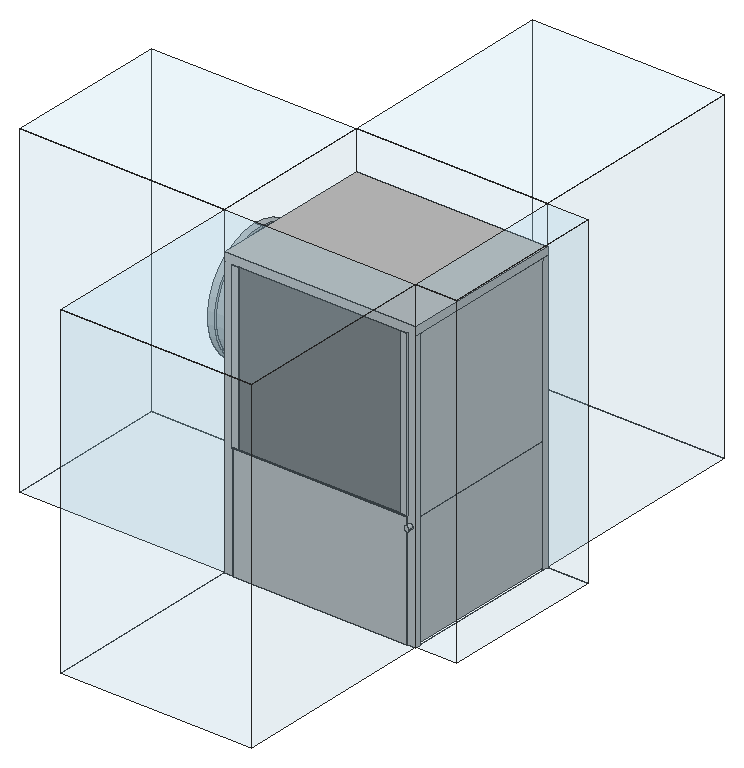
Revit family "VIESSMANN - Energycal AW Pro AT DWS", category Wyposażenie mechaniczne, Revit 2017
Family settings
  Wymiar okrągłego złącza = Użyj średnicy
  Typ części = Normalny
  Numer OmniClass = 23.75.10.21.11
  Tytuł OmniClass = Air-Source Heat Pumps
  Oparty na płaszczyźnie roboczej = Nie
  Zawsze pionowo = Tak
  Tnij formami wycięć po wczytaniu = Nie
  Współdzielony = Nie
  Punkt obliczania pomieszczeń = Nie
Parameters (values of type "Wielkość jednostki - 50")
  Średnica2 = 2"
  Średnica1 = 1 1/2"
  Zasilanie opcjonalne (V/ph/Hz) = "230/1~/50"
  Zasilanie elektryczne (V/ph/Hz) = "400/3~/50"
  Wysokość całkowita = 2390 mm
  Viessmann Kolor 2 = Viessmann Kolor 3
  Viessmann Kolor 1 = Viessmann Kolor 2
  Strefa serwisowa - wyrzut górny [instance] = no
  Strefa serwisowa - wyrzut boczny [instance] = not([Strefa serwisowa - wyrzut górny])  # yes
  Współczynnik wydajności [COP] (A7W35) = 4.14
  Współczynnik mocy = 1  # constant formula
  Użyteczna wysokość podnoszenia pompy = 167.0 kPa
  URL = "https://www.viessmann-projektant.pl/baza-urzadzen/pompy-ciepla-powietrzewoda-agregaty-wl-50-kw/energycal"
  Typ wymiennika po stronie użytkowej = "Płytowy"
  Typ wentylatora = "Osiowy"
  Typ sprężarki = "Spiralna"
  TYP [instance] = AW PRO AT_wyrzut boczny : AW PRO AT wyrzut boczny DWS
  Szerokość całkowita = 1791 mm
  Strefa serwisowa [instance] = yes
  Stopień wydajności = "0-50-100%"
  Spadek ciśnienia wody (A7W35) = 30.0 kPa
  Prąd nominalny wentylatora = 3.9 A
  Prąd nominalny silnika pompy obiegowej = 2.7 A
  Przepływ powietrza = 17000.0 m³/h
  Producent = "Viessmann Sp. z o.o"  # constant formula
  Poziom mocy akustycznej dB(A) = 83 mm
  Poziom mocy akustycznej - wersja super cicha SLN dB(A) = 78 mm
  Poziom mocy akustycznej - wersja cicha LN dB(A) = 81 mm
  Poziom ciśnienia akustycznego dB(A) = 55 mm
  Poziom ciśnienia akustycznego - wersja super cicha SLN dB(A) = 50 mm
  Poziom ciśnienia akustycznego - wersja cicha LN dB(A) = 53 mm
  Pojemność wodna = 5.20 L
  Pobór mocy elektrycznej (A7W35) = 9.7 kW
  Opis = "Energycal AW Pro AT jest kompletną, dedykowaną serią rewersyjnych dwustopniowych pomp ciepła powietrze-woda, o zakresie mocy od 40 do 74 kW, wykorzystującą czynnik chłodniczy (R410A)."
  Obciążenie pozorne = Maksymalna moc pobierania / Współczynnik mocy  # 20200 VA
  Nominalna wydajność grzewcza (A7W35) = 40.2 kW
  Natężenie przepływu wody (A7W35) l/h = 6948
  Natężenie przepływu wody (A7W35) = [Natężenie przepływu wody (A7W35) l/h] / 3600 * 1.0 L/s  # 1.93 L/s
  Napięcie zasilania = 400 V
  Model pompy = "P1"
  Model = "Powietrzna pompa ciepła Energycal AW PRO AT / Air-water heat pump Energycal AW PRO AT DWS"  # constant formula
  Moc nominalna wentylatora = 1.7 kW
  Moc nominalna silnika pompy obiegowej = 1.4 kW
  Maksymalny prąd rozruchowy z układem Soft-Starter = 81 A
  Maksymalny prąd rozruchowy (z pompą obiegową) = 124 A
  Maksymalny prąd rozruchowy (z pompą obiegową i funkcją Soft-Starter) = 83 A
  Maksymalny prąd rozruchowy = 121 A
  Maksymalny pobór prądu (z pompą obiegową) = 38.6 A
  Maksymalny pobór prądu = 35.9 A
  Maksymalna moc pobierania (z pompą obiegową) = 21.6 kW
  Maksymalna moc pobierania = 20.2 kW
  Liczba wymienników = 1
  Liczba wentylatorów = 1
  Liczba biegunów = 3  # constant formula
  Klasa efektywności praca niskotemperaturowa (A7W35) = "A"
  Ilość/Obiegi chłodnicze sprężarki (nr/nr) = "2/1"  # constant formula
  Długość całkowita = 1403 mm  # constant formula
  Częstotliwość = 50 Hz  # constant formula
  Ciężar = 575.00 kg
  Całkowite napełnienie olejem = 3.80 kg
  Całkowite napełnienie czynnikiem chłodniczym = 14.00 kg
  Bufor przód [instance] = if(and(Strefa serwisowa, [Strefa serwisowa - wyrzut boczny]), 1500 mm, 300 mm)  # 1500 mm
  Autor = "www.archispace.pl"
Types (6, lengths in mm): name | Strefa serwisowa - wyrzut górny | Strefa serwisowa - wyrzut boczny | Współczynnik wydajności [COP] (A7W35) | Użyteczna wysokość podnoszenia pompy | TYP | Spadek ciśnienia wody (A7W35) | Przepływ powietrza | Poziom mocy akustycznej dB(A) | Poziom mocy akustycznej - wersja super cicha SLN dB(A) | Poziom mocy akustycznej - wersja cicha LN dB(A) | Poziom ciśnienia akustycznego dB(A) | Poziom ciśnienia akustycznego - wersja super cicha SLN dB(A) | Poziom ciśnienia akustycznego - wersja cicha LN dB(A) | Pojemność wodna | Pobór mocy elektrycznej (A7W35) | Obciążenie pozorne | Nominalna wydajność grzewcza (A7W35) | Natężenie przepływu wody (A7W35) l/h | Natężenie przepływu wody (A7W35) | Napięcie zasilania | Maksymalny prąd rozruchowy z układem Soft-Starter | Maksymalny prąd rozruchowy (z pompą obiegową) | Maksymalny prąd rozruchowy (z pompą obiegową i funkcją Soft-Starter) | Maksymalny prąd rozruchowy | Maksymalny pobór prądu (z pompą obiegową) | Maksymalny pobór prądu | Maksymalna moc pobierania (z pompą obiegową) | Maksymalna moc pobierania | Ciężar | Całkowite napełnienie olejem | Całkowite napełnienie czynnikiem chłodniczym | Bufor przód
  (no name) | no | yes | 4.14 | 167.0 kPa | AW PRO AT_wyrzut boczny : AW PRO AT wyrzut boczny DWS | 30.0 kPa | 17000.0 m³/h | 83 | 78 | 81 | 55 | 50 | 53 | 5.20 L | 9.7 kW | 20200 VA | 40.2 kW | 6948 | 1.93 L/s | 400 V | 81 A | 124 A | 83 A | 121 A | 38.6 A | 35.9 A | 21.6 kW | 20.2 kW | 575.00 kg | 3.80 kg | 14.00 kg | 1500
  Wielkość jednostki - 50 | no | yes | 4.14 | 167.0 kPa | AW PRO AT_wyrzut boczny : AW PRO AT wyrzut boczny DWS | 30.0 kPa | 17000.0 m³/h | 83 | 78 | 81 | 55 | 50 | 53 | 5.20 L | 9.7 kW | 20200 VA | 40.2 kW | 6948 | 1.93 L/s | 400 V | 81 A | 124 A | 83 A | 121 A | 38.6 A | 35.9 A | 21.6 kW | 20.2 kW | 575.00 kg | 3.80 kg | 14.00 kg | 1500
  Wielkość jednostki - 60 | no | yes | 4.26 | 160.0 kPa | AW PRO AT : AW PRO AT DWS | 33.0 kPa | 18500.0 m³/h | 83 | 78 | 81 | 55 | 50 | 53 | 6.50 L | 11.5 kW | 23800 VA | 48.9 kW | 8461 | 2.35028 L/s | 0 V | 103 A | 153 A | 101 A | 151 A | 43.8 A | 41.1 A | 25.2 kW | 23.8 kW | 592.00 kg | 6.80 kg | 18.00 kg | 1500
  Wielkość jednostki - 70 | no | yes | 4.12 | 159.0 kPa | AW PRO AT : AW PRO AT DWS | 31.0 kPa | 18500.0 m³/h | 84 | 79 | 82 | 56 | 51 | 54 | 7.80 L | 13.3 kW | 27700 VA | 54.8 kW | 9475 | 2.63194 L/s | 0 V | 98 A | 146 A | 96 A | 143 A | 48.6 A | 45.9 A | 29.1 kW | 27.7 kW | 602.00 kg | 6.80 kg | 19.00 kg | 1500
  Wielkość jednostki - 80 | no | yes | 4.19 | 146.0 kPa | AW PRO AT_wyrzut boczny : AW PRO AT wyrzut boczny DWS | 35.0 kPa | 21000.0 m³/h | 85 | 0 | 83 | 57 | 0 | 55 | 9.10 L | 16.1 kW | 32400 VA | 67.7 kW | 11694 | 3.24833 L/s | 400 V | 116 A | 173 A | 114 A | 170 A | 58.6 A | 55.9 A | 33.8 kW | 32.4 kW | 620.00 kg | 6.80 kg | 23.00 kg | 1500
  Wielkość jednostki - 90 | yes | no | 4.12 | 142.0 kPa | AW PRO AT : AW PRO AT DWS | 34.0 kPa | 21000.0 m³/h | 85 | 0 | 83 | 57 | 0 | 55 | 10.40 L | 13.3 kW | 38100 VA | 74 kW | 12794 | 3.55389 L/s | 400 V | 145 A | 216 A | 143 A | 213 A | 77.4 A | 74.7 A | 39.5 kW | 38.1 kW | 631.00 kg | 6.80 kg | 23.00 kg | 300
Reference planes
  plane 1 "Środek (Przód/Tył)": y = -10
  plane 2: z = 0
  plane 3 "Środek (Lewa/Prawa)": x = 0
  plane 4: x = -711.16
  plane 5: x = 691.84
  plane 6: x = -2211.16
  plane 7: x = 991.84
  plane 8: y = 1579.753
  plane 9: y = -2750
  plane 10: y = -1250
  plane 11: y = -42
Forms (mm)
  Extrusion 1, solid, not visible
    sketch origin (0, -10, 0) x (1, 0, 0) y (0, 0, 1)
      loop
        circle (-13.121, 636.827) r 40
      loop
        circle (-16.116, 520.043) r 40
    from 1200 to 1240
  Extrusion 2, solid, material "Viessmann Strefy Serwisowe", visible <- "Strefa serwisowa"
    sketch origin (0, 0, 0) x (1, 0, 0) y (0, 1, 0)
      loop
        line (691.84, -42) -> (691.84, -1250) -> (991.84, -1250) -> (991.84, -42) -> (691.84, -42)
      loop
        line (-711.16, -42) -> (-2211.16, -42) -> (-2211.16, -1250) -> (-711.16, -1250) -> (-711.16, -42)
    from 0 to 2390
  Extrusion 3, solid, material "Viessmann Strefy Serwisowe", visible <- "Strefa serwisowa"
    sketch origin (0, 0, 0) x (1, 0, 0) y (0, 1, 0)
      loop
        line (-711.16, -42) -> (691.84, -42) -> (691.84, 1579.753) -> (-711.16, 1579.753) -> (-711.16, -42)
      loop
        line (-711.16, -1250) -> (-711.16, -2750) -> (691.84, -2750) -> (691.84, -1250) -> (-711.16, -1250)
    from 0 to 2390
Dimensions and locks
  "Długość całkowita": plane 4 to plane 5
  "Bufor przód": plane 6 to plane 4
  locked: plane 5 to plane 7 at 300
  plane 10 to plane 9 = 1500 mm
  locked: plane 11 to plane 10 at 1208
  plane 8 to plane 11 = 1621.753 mm
  aligned and locked: level to plane 2
  aligned and locked: nested 1 to plane 1 "Środek (Przód/Tył)"
  aligned and locked: plane 1 "Środek (Przód/Tył)" to nested 1
  aligned and locked: plane 10 to Extrusion 3
  aligned and locked: Extrusion 3 to plane 9
  aligned and locked: plane 8 to Extrusion 3
  aligned and locked: Extrusion 3 to plane 11
Automatic sketch dimensions
  Extrusion 1 sketch curve to plane 3 "Środek (Lewa/Prawa)" = 16.116 mm
  Extrusion 1 sketch curve to plane 3 "Środek (Lewa/Prawa)" = 13.121 mm
  level to Extrusion 1 sketch curve = 520.043 mm
  Extrusion 1 sketch curve to Extrusion 1 sketch curve = 116.784 mm
  Extrusion 2 sketch curve to plane 6 = 0 mm
  Extrusion 2 sketch curve to plane 4 = 0 mm
  Extrusion 2 sketch curve to plane 5 = 0 mm
  Extrusion 2 sketch curve to plane 7 = 0 mm
  plane 1 "Środek (Przód/Tył)" to Extrusion 2 sketch curve = 1240 mm  (x2)
  plane 1 "Środek (Przód/Tył)" to Extrusion 2 sketch curve = 32 mm  (x2)
  Extrusion 3 sketch curve to plane 4 = 0 mm  (x2)
  Extrusion 3 sketch curve to plane 5 = 0 mm  (x2)
  plane 9 to Extrusion 3 sketch curve = 0 mm
  Extrusion 3 sketch curve to Extrusion 3 sketch curve = 1500 mm
  plane 1 "Środek (Przód/Tył)" to Extrusion 3 sketch curve = 32 mm
  Extrusion 3 sketch curve to plane 8 = 0 mm
  radius of Extrusion 1 sketch curve = 40 mm  (x2)
Nested families
  nested 1: "AW PRO AT_wyrzut boczny" at (-741.16, -646, 0) x (0, 1, 0) z (0, 0, 1), type <- "TYP", type "AW PRO AT wyrzut boczny DWS"
Connectors
  piping at (-459.16, -32, 258), diameter 38.1, driven by "Średnica1", driven by "Natężenie przepływu wody (A7W35)"
    settings: on nested 1, index 1, connector inside diameter 24", connector length 0 mm, flow factor 0, pipe flow 1.93 L/s, pressure drop 0.0 kPa, fitting loss kfactor 0, connector angle 0.00°, fixture units 0, engagement length 0 mm, angle of deflection 0.00°, flow configuration 1, flow direction 2, fitting loss method 0, system type 7, joint type 0, gender type 0, connector reference index -1, connector utility 0, adjustable connector no, is connector primary yes, connector description ""
  piping at (-349.16, -32, 179), diameter 50.8, driven by "Średnica2", driven by "Natężenie przepływu wody (A7W35)"
    settings: on nested 1, index 2, connector inside diameter 24", connector length 0 mm, flow factor 0, pipe flow 1.93 L/s, pressure drop 0.0 kPa, fitting loss kfactor 0, connector angle 0.00°, fixture units 0, engagement length 0 mm, angle of deflection 0.00°, flow configuration 1, flow direction 2, fitting loss method 0, system type 7, joint type 0, gender type 0, connector reference index -1, connector utility 0, adjustable connector no, is connector primary no, connector description ""
  piping at (-126.16, -32, 258), diameter 38.1, driven by "Średnica1", driven by "Natężenie przepływu wody (A7W35)"
    settings: on nested 1, index 3, connector inside diameter 24", connector length 0 mm, flow factor 0, pipe flow 1.93 L/s, pressure drop 0.0 kPa, fitting loss kfactor 0, connector angle 0.00°, fixture units 0, engagement length 0 mm, angle of deflection 0.00°, flow configuration 1, flow direction 2, fitting loss method 0, system type 7, joint type 0, gender type 0, connector reference index -1, connector utility 0, adjustable connector no, is connector primary no, connector description ""
  piping at (-16.16, -32, 179), diameter 50.8, driven by "Średnica2", driven by "Natężenie przepływu wody (A7W35)"
    settings: on nested 1, index 4, connector inside diameter 24", connector length 0 mm, flow factor 0, pipe flow 1.93 L/s, pressure drop 0.0 kPa, fitting loss kfactor 0, connector angle 0.00°, fixture units 0, engagement length 0 mm, angle of deflection 0.00°, flow configuration 1, flow direction 2, fitting loss method 0, system type 7, joint type 0, gender type 0, connector reference index -1, connector utility 0, adjustable connector no, is connector primary no, connector description ""
  piping at (-126.16, -32, 728), diameter 50.8, driven by "Średnica2", driven by "Natężenie przepływu wody (A7W35)"
    settings: on nested 1, index 5, connector inside diameter 24", connector length 0 mm, flow factor 0, pipe flow 1.93 L/s, pressure drop 0.0 kPa, fitting loss kfactor 0, connector angle 0.00°, fixture units 0, engagement length 0 mm, angle of deflection 0.00°, flow configuration 1, flow direction 2, fitting loss method 0, system type 8, joint type 0, gender type 0, connector reference index -1, connector utility 0, adjustable connector no, is connector primary no, connector description ""
  piping at (-459.16, -32, 728), diameter 50.8, driven by "Średnica2", driven by "Natężenie przepływu wody (A7W35)"
    settings: on nested 1, index 6, connector inside diameter 24", connector length 0 mm, flow factor 0, pipe flow 1.93 L/s, pressure drop 0.0 kPa, fitting loss kfactor 0, connector angle 0.00°, fixture units 0, engagement length 0 mm, angle of deflection 0.00°, flow configuration 1, flow direction 1, fitting loss method 0, system type 8, joint type 0, gender type 0, connector reference index -1, connector utility 0, adjustable connector no, is connector primary no, connector description ""
  electrical at (-13.121, -1250, 636.827)
    settings: on Extrusion 1, index 7, voltage 0 V, apparent load 0 VA, apparent load phase1 0 VA, apparent load phase2 0 VA, apparent load phase3 0 VA, power factor 1, load classification "Inne", number of poles 1, system type 13, power factor state 1, is connector primary yes, connector utility no, sub classification motor no, connector description ""
  electrical at (-16.116, -1250, 520.043), driven by "Napięcie zasilania", driven by "Obciążenie pozorne", driven by "Współczynnik mocy", driven by "Obciążenie pozorne", driven by "Liczba biegunów"
    settings: on Extrusion 1, index 8, voltage 400 V, apparent load 20200 VA, apparent load phase1 20200 VA, apparent load phase2 0 VA, apparent load phase3 0 VA, power factor 1, load classification "Moc", number of poles 3, system type 30, power factor state 1, is connector primary no, connector utility no, sub classification motor no, connector description ""
Definition of nested family "AW PRO AT_wyrzut boczny"
  Parameters (values of type "AW PRO AT wyrzut boczny DWS")
    Wysokość = 2108 mm
    URL = ""
    Szerokość = 1688 mm
    Spust kondensatu (średnica) = 17.5 mm
    Manufacturer = ""
    Podłączenie C Rin wysokość = 179 mm
    Podłączenie C Rin odsunięcie = 695 mm
    Podłączenie B Uin wysokość = 179 mm
    Podłączenie A,C Rout wysokość = 728 mm
    Podłączenie A,C Rout odsunięcie = 585 mm
    Podłączenie A,B Uout wysokość = 728 mm
    Podłączenie A,B Uout odsunięcie = 252 mm
    Podłączenie A Uin wysokość = 258 mm
    Podłączenie A Uin odsunięcie = 252 mm
    Podłączenie A Rin wysokość = 258 mm
    Podłączenie A Rin odsunięcie = 585 mm
    Description = ""
    Podłączenie B Uin odsunięcie = 362 mm
    Model = ""
    Materiał2 = none
    Materiał = none
    Długość = 1203 mm
    DWS = yes
  Reference planes
    plane 1 "Środek (Przód/Tył)": y = -30
    plane 2: z = 0
    plane 3 "Środek (Lewa/Prawa)": x = 0
    plane 4: y = -1433
    plane 5: y = -1433
    plane 6: z = 2108
    plane 7: x = 604
    plane 8: x = -604
    plane 9: x = -564
    plane 10: x = 564
    plane 11: x = 614
    plane 12: y = 255
  Forms (mm)
    Extrusion 1, solid, material <- "Materiał", detail levels fine
      sketch origin (0, -734, 0) x (1, 0, 0) y (0, 1, 0)
        loop
          line (-604, 704) -> (-604, -699) -> (604, -699) -> (604, 704) -> (-604, 704)
      from 0 to 2108
    Extrusion 2, void
      sketch origin (0, -734, 0) x (1, 0, 0) y (0, 1, 0)
        loop
          line (-564, 704) -> (-564, -699) -> (564, -699) -> (564, 704) -> (-564, 704)
      from 0 to 20
    Extrusion 3, void
      sketch origin (0, 0, 0) x (0, 1, 0) y (0, 0, 1)
        loop
          line (-90, 2048) -> (-1373, 2048) -> (-1373, 850) -> (-90, 850) -> (-90, 2048)
      from -604 to -564
    Extrusion 4, void
      sketch origin (0, 0, 0) x (0, 1, 0) y (0, 0, -1)
        loop
          line (-90, -2011.294) -> (-90, -850) -> (-1373, -850) -> (-1373, -2011.294) -> (-90, -2011.294)
      from -604 to -564
    Extrusion 5, solid, material <- "Materiał2", detail levels fine
      sketch origin (-260, 0, 0) x (0, 1, 0) y (0, 0, 1)
        loop
          line (-135, 2048) -> (-1328, 2048) -> (-1328, 850) -> (-135, 850) -> (-135, 2048)
      from -344 to -304
    Extrusion 6, solid, material <- "Materiał2", detail levels fine
      sketch origin (300, 0, 0) x (0, 1, 0) y (0, 0, -1)
        loop
          line (-90, -2011.294) -> (-90, -850) -> (-1373, -850) -> (-1373, -2011.294) -> (-90, -2011.294)
      from -304 to -264
    Revolve 7, solid, material <- "Materiał", detail levels fine
      sketch origin (0, 602.897, -243.586) x (0, 1, 0) y (0, 0, 1)
        loop
          line (-632.897, 1755.586) -> (-632.897, 1276.06)
          arc (-632.897, 1276.06) -> (-611.63, 1317.799) -> (-567.897, 1334.586) r 65.358
          line (-567.897, 1334.586) -> (-422.897, 1334.586) -> (-422.897, 1324.586) -> (-368.945, 1324.586)
          arc (-368.945, 1324.586) -> (-354.039, 1539.84) -> (-350.897, 1755.586) r 3954.249
          line (-350.897, 1755.586) -> (-632.897, 1755.586)
        axis (-350.897, 1755.586) -> (-632.897, 1755.586)
      angle from 0 to 360
    Extrusion 8, solid, material <- "Materiał"
      sketch origin (0, 0, 0) x (0, 1, 0) y (0, 0, 1)
        loop
          circle (-392, 179) r 50
      from 604 to 614
    Extrusion 9, solid, material <- "Materiał"
      sketch origin (0, 0, 0) x (0, 1, 0) y (0, 0, 1)
        loop
          circle (-282, 258) r 40
      from 604 to 614
    Extrusion 10, solid, material <- "Materiał"
      sketch origin (0, 0, 380) x (0, 1, 0) y (0, 0, 1)
        loop
          circle (-282, 348) r 40
      from 604 to 614
    Extrusion 11, solid, material <- "Materiał", detail levels fine
      sketch origin (0, 0, 0) x (0, 1, 0) y (0, 0, 1)
        loop
          circle (-69.847, 784.39) r 17.5
      from 604 to 636
    Extrusion 12, solid, material <- "Materiał", detail levels fine
      sketch origin (0, -1463, 0) x (0, -1, 0) y (0, 0, -1)
        loop
          circle (-69.847, -784.39) r 17.5
      from -635.999 to -604
    Extrusion 13, solid, material <- "Materiał", detail levels coarse
      sketch origin (0, 0, 0) x (1, 0, 0) y (0, 1, 0)
        loop
          line (-604, -30) -> (-604, -1433) -> (604, -1433) -> (604, -30) -> (-604, -30)
      from 0 to 2108
    Extrusion 14, solid, material <- "Materiał", detail levels fine
      sketch origin (0, 0, 0) x (1, 0, 0) y (0, 1, 0)
        loop
          line (604, -1328) -> (604, -1373) -> (609, -1373) -> (609, -1328) -> (604, -1328)
        loop
          line (604, -135) -> (609, -135) -> (609, -90) -> (604, -90) -> (604, -135)
      from 850 to 2011.294
    Extrusion 15, solid, material <- "Materiał", detail levels fine
      sketch origin (0, -30, 0) x (1, 0, 0) y (0, 0, 1)
        loop
          line (604, 850) -> (604, 847.008) -> (612, 847.008) -> (612, 850) -> (604, 850)
      from 60 to 1343
    Extrusion 16, solid, material <- "Materiał", detail levels fine
      sketch origin (0, 0, 0) x (-1, 0, 0) y (0, -1, 0)
        loop
          line (604, 135) -> (604, 90) -> (609, 90) -> (609, 135) -> (604, 135)
        loop
          line (604, 1328) -> (609, 1328) -> (609, 1373) -> (604, 1373) -> (604, 1328)
      from 850 to 2048
    Extrusion 17, solid, material <- "Materiał", detail levels fine
      sketch origin (0, -30, 0) x (-1, 0, 0) y (0, 0, -1)
        loop
          line (604, -850) -> (611.979, -850) -> (611.979, -847.008) -> (604, -847.008) -> (604, -850)
      from 60 to 1343
    Extrusion 18, void
      sketch origin (0, 0, 0) x (1, 0, 0) y (0, 1, 0)
        loop
          line (-604, -89.997) -> (-604, -96.997) -> (-601.528, -96.997) -> (-601.528, -89.997) -> (-604, -89.997)
        loop
          line (-604, -1373) -> (-601.528, -1373) -> (-601.528, -1366) -> (-604, -1366) -> (-604, -1373)
      from 0 to 850
    Extrusion 19, void
      sketch origin (0, 0, 0) x (-1, 0, 0) y (0, -1, 0)
        loop
          line (-604, 90) -> (-601.528, 90) -> (-601.528, 97.17) -> (-604, 97.17) -> (-604, 90)
        loop
          line (-604, 1373) -> (-604, 1365.83) -> (-601.528, 1365.83) -> (-601.528, 1373) -> (-604, 1373)
      from 40 to 850
    Extrusion 20, solid, material <- "Materiał", detail levels medium
      sketch origin (0, -30, 0) x (1, 0, 0) y (0, 0, 1)
        loop
          line (-604, 2108) -> (-604, 0) -> (604, 0) -> (604, 2108) -> (-604, 2108)
      from 0 to 1403
    Revolve 21, solid, material <- "Materiał", detail levels medium
      sketch origin (0, 0, 0) x (0, 1, 0) y (0, 0, 1)
        loop
          line (-30, 1512) -> (252, 1512) -> (252, 1943) -> (23.894, 1943) -> (-30, 1991.526) -> (-30, 1512)
        axis (252, 1512) -> (-30, 1512)
      angle from 0 to 360
    Extrusion 22, solid, material <- "Materiał", visible <- "DWS"
      sketch origin (0, -380, 0) x (0, 1, 0) y (0, 0, 1)
        loop
          circle (-345, 179) r 50
      from 604 to 614
    Extrusion 23, solid, material <- "Materiał", visible <- "DWS"
      sketch origin (0, -380, 0) x (0, 1, 0) y (0, 0, 1)
        loop
          circle (-235, 258) r 40
      from 604 to 614
    Extrusion 24, solid, material <- "Materiał", visible <- "DWS"
      sketch origin (0, -380, 380) x (0, 1, 0) y (0, 0, 1)
        loop
          circle (-235, 348) r 40
      from 604 to 614
    Extrusion 25, void
      sketch origin (0, -30, 0) x (1, 0, 0) y (0, 0, 1)
        loop
          line (-564, 0) -> (-557, 0) -> (-557, 843) -> (557, 843) -> (557, 0) -> (564, 0) -> (564, 2047.991) -> (604, 2047.991) -> (604, 2054.991) -> (-604, 2054.991) -> (-604, 2047.991) -> (-564, 2047.991) -> (-564, 0)
        loop
          line (557, 2047.991) -> (-557, 2047.991) -> (-557, 850) -> (557, 850) -> (557, 2047.991)
      from 0 to 2.5
    Extrusion 26, void
      sketch origin (0, -1433, 0) x (1, 0, 0) y (0, 0, -1)
        loop
          line (-564, 0) -> (-564, -2047.991) -> (-604, -2047.991) -> (-604, -2054.991) -> (604, -2054.991) -> (604, -2047.991) -> (564, -2047.991) -> (564, 0) -> (557, 0) -> (557, -843) -> (-557, -843) -> (-557, 0) -> (-564, 0)
        loop
          line (557, -2047.991) -> (557, -850) -> (-557, -850) -> (-557, -2047.991) -> (557, -2047.991)
      from 0 to 2.5
    Extrusion 27, solid, material <- "Materiał", detail levels coarse
      sketch origin (0, -30, 0) x (1, 0, 0) y (0, 0, 1)
        loop
          circle (0, 1512) r 479.526
      from -282 to 0
  Cuts and joins
    Extrusion 2, Extrusion 3, Extrusion 4, Extrusion 18, Extrusion 19, Extrusion 25, Extrusion 26 cuts Extrusion 1
    Extrusion 19, Extrusion 26 cuts Revolve 7
    Extrusion 19, Extrusion 26 cuts Extrusion 14
    Extrusion 19, Extrusion 26 cuts Extrusion 15
    Extrusion 19, Extrusion 26 cuts Extrusion 16
    Extrusion 19, Extrusion 26 cuts Extrusion 17
    joined: Extrusion 1, Revolve 7, Extrusion 14, Extrusion 15, Extrusion 16, Extrusion 17
    Extrusion 26 cuts Revolve 21
    joined: Extrusion 20, Revolve 21
    joined: Extrusion 13, Extrusion 27
  Dimensions and locks
    equal spacing: plane 8, plane 3 "Środek (Lewa/Prawa)", plane 7
    plane 8 to plane 7 = 1208 mm
    Extrusion 3 sketch curve to level = 850 mm
    locked: plane 1 "Środek (Przód/Tył)" to Extrusion 3 sketch curve at 60
    locked: plane 6 to Extrusion 3 sketch curve at 60
    Extrusion 3 sketch curve to plane 5 = 60 mm
    locked: plane 8 to plane 9 at 40
    locked: plane 10 to plane 7 at 40
    "Podłączenie B Uin wysokość": Extrusion 8 sketch curve to level
    "Podłączenie A Uin odsunięcie": Extrusion 9 sketch curve to plane 1 "Środek (Przód/Tył)"
    "Podłączenie A Uin wysokość": Extrusion 9 sketch curve to level
    "Podłączenie B Uin odsunięcie": Extrusion 8 sketch curve to plane 1 "Środek (Przód/Tył)"
    "Podłączenie A,B Uout odsunięcie": Extrusion 10 sketch curve to plane 1 "Środek (Przód/Tył)"
    "Podłączenie A,B Uout wysokość": Extrusion 10 sketch curve to level
    locked: plane 7 to plane 11 at 10
    "Podłączenie A Rin wysokość": Extrusion 23 sketch curve to level
    "Podłączenie A Rin odsunięcie": Extrusion 23 sketch curve to plane 1 "Środek (Przód/Tył)"
    "Podłączenie C Rin wysokość": Extrusion 22 sketch curve to level
    "Podłączenie C Rin odsunięcie": Extrusion 22 sketch curve to plane 1 "Środek (Przód/Tył)"
    "Podłączenie A,C Rout odsunięcie": Extrusion 24 sketch curve to plane 1 "Środek (Przód/Tył)"
    "Podłączenie A,C Rout wysokość": Extrusion 24 sketch curve to level
    plane 6 to Revolve 7 sketch curve = 596 mm
    "Wysokość": plane 6 to level
    "Szerokość": plane 12 to plane 5
    locked: plane 1 "Środek (Przód/Tył)" to plane 5 at 1403
    "Spust kondensatu (średnica)": radius of Extrusion 11 sketch curve
    "Spust kondensatu (średnica)": radius of Extrusion 12 sketch curve
    aligned and locked: level to plane 2
    aligned and locked: cut or joined group 1 (Extrusion 1, Extrusion 2, Extrusion 3, Extrusion 4, Revolve 7, Extrusion 14, Extrusion 15, Extrusion 16, Extrusion 17, Extrusion 18, Extrusion 19, Extrusion 25, Extrusion 26) to plane 1 "Środek (Przód/Tył)"  (x3)
    aligned and locked: Extrusion 1 to plane 1 "Środek (Przód/Tył)"
    aligned and locked: plane 5 to cut or joined group 1
    aligned and locked: plane 6 to cut or joined group 1
    aligned and locked: cut or joined group 1 to plane 8
    aligned and locked: plane 7 to cut or joined group 1
    aligned and locked: plane 9 to Extrusion 3
    aligned and locked: plane 10 to Extrusion 4
    aligned and locked: plane 8 to Extrusion 5
    aligned and locked: Extrusion 6 to plane 7
    aligned and locked: plane 7 to Extrusion 9
    aligned and locked: Extrusion 8 to Extrusion 9
    aligned and locked: Extrusion 8 to Extrusion 10
    aligned and locked: Extrusion 10 to plane 7
    aligned and locked: plane 7 to Extrusion 11
    aligned and locked: Extrusion 12 to cut or joined group 1
    aligned and locked: Extrusion 13 sketch curve to cut or joined group 1  (x4)
    aligned and locked: plane 6 to Extrusion 13
    aligned and locked: Extrusion 13 to level
    aligned and locked: cut or joined group 1 to Extrusion 15
    aligned and locked: Extrusion 15 to cut or joined group 1
    aligned and locked: Extrusion 18 to cut or joined group 1
    aligned and locked: Extrusion 5 to cut or joined group 1  (x2)
    aligned and locked: Extrusion 20 to plane 1 "Środek (Przód/Tył)"
    aligned and locked: Extrusion 20 to plane 4
    aligned and locked: Extrusion 22 to Extrusion 23
    aligned and locked: Extrusion 14 to Extrusion 4
    aligned and locked: Extrusion 6 to cut or joined group 1
    aligned and locked: Extrusion 27 to cut or joined group of Extrusion 20, Revolve 21, Extrusion 26
    aligned and locked: Extrusion 27 to cut or joined group 1
  Automatic sketch dimensions
    Extrusion 1 sketch curve to plane 4 = 0 mm
    Extrusion 1 sketch curve to plane 8 = 0 mm
    plane 1 "Środek (Przód/Tył)" to Extrusion 1 sketch curve = 0 mm
    Extrusion 1 sketch curve to plane 7 = 0 mm
    Extrusion 2 sketch curve to plane 4 = 0 mm
    Extrusion 2 sketch curve to plane 9 = 0 mm
    Extrusion 2 sketch curve to plane 10 = 0 mm
    plane 1 "Środek (Przód/Tył)" to Extrusion 2 sketch curve = 0 mm
    plane 4 to Extrusion 4 sketch curve = 60 mm
    plane 1 "Środek (Przód/Tył)" to Extrusion 4 sketch curve = 60 mm
    Extrusion 4 sketch curve to plane 6 = 96.706 mm
    level to Extrusion 4 sketch curve = 850 mm
    plane 4 to Extrusion 5 sketch curve = 105 mm
    plane 1 "Środek (Przód/Tył)" to Extrusion 5 sketch curve = 105 mm
    level to Extrusion 5 sketch curve = 850 mm
    Extrusion 5 sketch curve to plane 6 = 60 mm
    plane 4 to Extrusion 6 sketch curve = 60 mm
    plane 1 "Środek (Przód/Tył)" to Extrusion 6 sketch curve = 60 mm
    Extrusion 6 sketch curve to plane 6 = 96.706 mm
    level to Extrusion 6 sketch curve = 850 mm
    Extrusion 14 sketch curve to plane 7 = 0 mm  (x2)
    Extrusion 14 sketch curve to plane 7 = 5 mm  (x2)
    plane 4 to Extrusion 14 sketch curve = 60 mm
    Extrusion 14 sketch curve to Extrusion 14 sketch curve = 45 mm  (x2)
    plane 1 "Środek (Przód/Tył)" to Extrusion 14 sketch curve = 105 mm
    Extrusion 15 sketch curve to plane 7 = 0 mm
    Extrusion 15 sketch curve to plane 11 = 2 mm
    level to Extrusion 15 sketch curve = 847.008 mm
    Extrusion 15 sketch curve to Extrusion 15 sketch curve = 2.992 mm
    Extrusion 16 sketch curve to plane 8 = 0 mm  (x2)
    Extrusion 16 sketch curve to plane 8 = 5 mm  (x2)
    Extrusion 16 sketch curve to plane 4 = 60 mm
    Extrusion 16 sketch curve to Extrusion 16 sketch curve = 45 mm  (x2)
    Extrusion 16 sketch curve to plane 1 "Środek (Przód/Tył)" = 105 mm
    Extrusion 17 sketch curve to plane 8 = 0 mm
    Extrusion 17 sketch curve to plane 8 = 7.979 mm
    Extrusion 17 sketch curve to level = 847.008 mm
    Extrusion 17 sketch curve to Extrusion 17 sketch curve = 2.992 mm
    Extrusion 18 sketch curve to plane 8 = 0 mm  (x2)
    Extrusion 18 sketch curve to plane 8 = 2.472 mm  (x2)
    plane 4 to Extrusion 18 sketch curve = 60 mm
    Extrusion 18 sketch curve to Extrusion 18 sketch curve = 7 mm  (x2)
    plane 1 "Środek (Przód/Tył)" to Extrusion 18 sketch curve = 66.997 mm
    Extrusion 19 sketch curve to plane 7 = 0 mm  (x2)
    Extrusion 19 sketch curve to plane 7 = 2.472 mm  (x2)
    Extrusion 19 sketch curve to plane 4 = 60 mm
    Extrusion 19 sketch curve to Extrusion 19 sketch curve = 7.17 mm  (x2)
    Extrusion 19 sketch curve to plane 1 "Środek (Przód/Tył)" = 67.17 mm
    plane 8 to Extrusion 20 sketch curve = 0 mm
    plane 7 to Extrusion 20 sketch curve = 0 mm
    Extrusion 20 sketch curve to plane 6 = 0 mm
    Extrusion 25 sketch curve to plane 8 = 0 mm
    Extrusion 25 sketch curve to plane 9 = 0 mm
    Extrusion 25 sketch curve to level = 0 mm  (x2)
    Extrusion 25 sketch curve to plane 10 = 0 mm
    Extrusion 25 sketch curve to plane 7 = 0 mm
    Extrusion 25 sketch curve to Extrusion 25 sketch curve = 7 mm  (x4)
    Extrusion 25 sketch curve to plane 10 = 7 mm  (x2)
    level to Extrusion 25 sketch curve = 843 mm
    Extrusion 25 sketch curve to plane 6 = 60.009 mm
    Extrusion 25 sketch curve to Extrusion 25 sketch curve = 0 mm  (x2)
    plane 8 to Extrusion 26 sketch curve = 0 mm
    Extrusion 26 sketch curve to plane 9 = 0 mm
    Extrusion 26 sketch curve to level = 0 mm  (x2)
    Extrusion 26 sketch curve to plane 10 = 0 mm
    plane 7 to Extrusion 26 sketch curve = 0 mm
    plane 9 to Extrusion 26 sketch curve = 7 mm  (x2)
    Extrusion 26 sketch curve to plane 10 = 7 mm
    Extrusion 26 sketch curve to Extrusion 26 sketch curve = 0 mm  (x3)
    level to Extrusion 26 sketch curve = 843 mm
    Extrusion 26 sketch curve to Extrusion 26 sketch curve = 7 mm  (x2)
    Extrusion 26 sketch curve to plane 6 = 60.009 mm
    Revolve 21 sketch curve to plane 6 = 596 mm
    plane 4 to Revolve 21 sketch curve = 1403 mm
    Revolve 21 sketch curve to Revolve 21 sketch curve = 282 mm
    Revolve 21 sketch curve to Revolve 21 sketch curve = 0 mm  (x3)
    Extrusion 27 sketch curve to Extrusion 27 sketch curve = 0 mm  (x2)
    Extrusion 27 sketch curve to plane 3 "Środek (Lewa/Prawa)" = 0 mm
    Extrusion 27 sketch curve to plane 6 = 596 mm
    Extrusion 27 sketch curve to Extrusion 27 sketch curve = 479.526 mm
    Revolve 21 sketch curve to plane 1 "Środek (Przód/Tył)" = 53.894 mm
    Revolve 21 sketch curve to Revolve 21 sketch curve = 48.526 mm
    Revolve 21 sketch curve to plane 6 = 165 mm
    Revolve 7 sketch curve to plane 1 "Środek (Przód/Tył)" = 0 mm  (x2)
    Revolve 7 sketch curve to plane 6 = 646.304 mm
    Revolve 7 sketch curve to plane 4 = 2268.929 mm
    Revolve 7 sketch curve to plane 1 "Środek (Przód/Tył)" = 65 mm
    plane 12 to Revolve 7 sketch curve = 75 mm
    plane 12 to Revolve 7 sketch curve = 21.048 mm
    plane 12 to Revolve 7 sketch curve = 3 mm
    Revolve 7 sketch curve to Revolve 7 sketch curve = 421 mm
    Revolve 7 sketch curve to Revolve 7 sketch curve = 10 mm
    Revolve 7 sketch curve to Revolve 7 sketch curve = 58.526 mm
    Revolve 7 sketch curve to Revolve 7 sketch curve = 0 mm
    level to Extrusion 20 sketch curve = 0 mm
    plane 1 "Środek (Przód/Tył)" to Extrusion 11 sketch curve = 39.847 mm
    level to Extrusion 11 sketch curve = 784.39 mm
    Extrusion 12 sketch curve to plane 4 = 39.847 mm
    Extrusion 12 sketch curve to level = 784.39 mm
    radius of Extrusion 8 sketch curve = 50 mm
    radius of Extrusion 9 sketch curve = 40 mm
    radius of Extrusion 10 sketch curve = 40 mm
    radius of Extrusion 22 sketch curve = 50 mm
    radius of Extrusion 23 sketch curve = 40 mm
    radius of Extrusion 24 sketch curve = 40 mm
